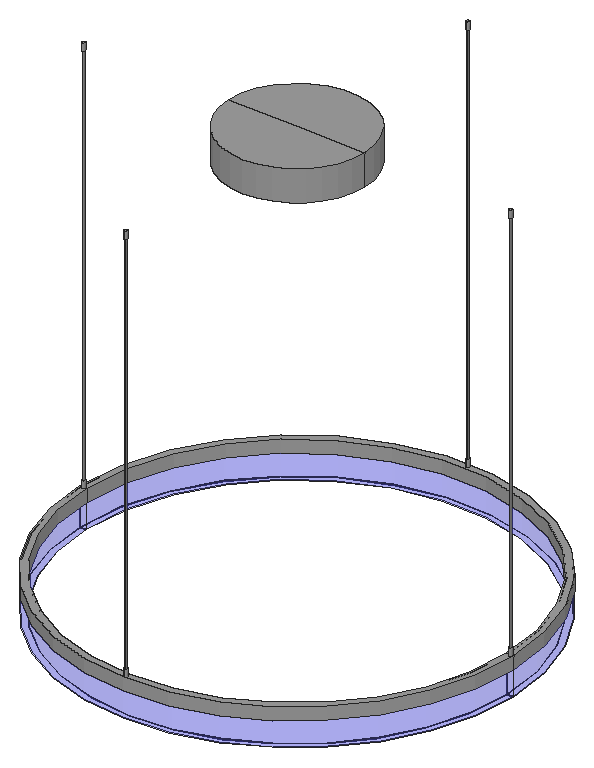
Revit family "Alcon-12272-1-32-Revit-Family", category Generic Models, host Ceiling, Revit 2025
Family settings
  Host = Ceiling
  Can host rebar = No
  Round Connector Dimension = Use Diameter
  Part Type = Normal
  Always vertical = Yes
  Cut with Voids When Loaded = No
  Maintain Annotation Orientation = No
  Shared = No
  Room Calculation Point = No
Parameters
  URL = "https://www.alconlighting.com/?srsltid=AfmBOooDPhGQ0dEP-X2PMtxFfvvWpIAEL4jCll_O2F4_to5onvhnBomy"
  Product Page = "https://www.alconlighting.com/redondo-12272-1.html"
  Model = "12272-1-32"
  Manufacturer = "Alcon Lighting"
  Lens = Glass
  Housing = Default
  Default Elevation = 0' - 0"
Reference planes (in)
  plane 1 "Center (Front/Back)": y = 0
  plane 2 "Ceiling": z = 96
  plane 3 "Center (Left/Right)": x = 0
Forms (in)
  Revolve 1, solid, material "Default" <- "Housing"
    sketch origin (0, 0, 0) x (1, 0, 0) y (0, 0, 1)
      loop
        line (0, 96) -> (0, 93.75) -> (5, 93.75) -> (5, 96) -> (0, 96)
      axis (0, 96) -> (0, 93.75)
    angle from 0 to 360
  Revolve 2, solid, material "Default" <- "Housing"
    sketch origin (0, 0, 0) x (1, 0, 0) y (0, 0, 1)
      loop
        line (15.47845, 66.65) -> (15.47845, 65.72813) -> (15.54095, 65.72813) -> (15.54095, 66.5875) -> (15.91595, 66.5875) -> (15.91595, 65.72813) -> (15.97845, 65.72813) -> (15.97845, 66.65) -> (15.47845, 66.65)
      axis (0, 65.72813) -> (0, 66.65)
    angle from 0 to 360
  Revolve 3, solid, material "Glass" <- "Lens"
    sketch origin (0, 0, 0) x (1, 0, 0) y (0, 0, 1)
      loop
        line (15.47845, 63.89) -> (15.97845, 63.89) -> (15.97845, 65.72813) -> (15.9472, 65.72813) -> (15.9472, 63.92125) -> (15.5097, 63.92125) -> (15.5097, 65.72813) -> (15.47845, 65.72813) -> (15.47845, 63.89)
      axis (0, 63.89) -> (0, 65.72813)
    angle from 0 to 360
  Revolve 4, solid, material "Default" <- "Housing"
    sketch origin (0, -28.29728, 0) x (0, 1, 0) y (0, 0, 1)
      loop
        line (12.55011, 66.65) -> (12.67511, 66.65) -> (12.67511, 67.1208) -> (12.55011, 67.1208) -> (12.55011, 66.65)
      axis (12.55011, 67.1208) -> (12.55011, 66.65)
    angle from 0 to 360
  Extrusion 5, solid, material "Default" <- "Housing"
    sketch origin (0, -15.74728, 92.90344) x (0, 1, 0) y (1, 0, 0)
      loop
        circle (0, 0) r 0.04922
    from -2.62576 to 25.78265
  Revolve 6, solid, material "Default" <- "Housing"
    sketch origin (0, -28.29728, 28.8792) x (0, 1, 0) y (0, 0, 1)
      loop
        line (12.55011, 66.65) -> (12.67511, 66.65) -> (12.67511, 67.1208) -> (12.55011, 67.1208) -> (12.55011, 66.65)
      axis (12.55011, 67.1208) -> (12.55011, 66.65)
    angle from 0 to 360
  Revolve 7, solid, material "Default" <- "Housing"
    sketch origin (0, 3.19587, 0) x (0, 1, 0) y (0, 0, 1)
      loop
        line (12.55011, 66.65) -> (12.67511, 66.65) -> (12.67511, 67.1208) -> (12.55011, 67.1208) -> (12.55011, 66.65)
      axis (12.55011, 67.1208) -> (12.55011, 66.65)
    angle from 0 to 360
  Extrusion 8, solid, material "Default" <- "Housing"
    sketch origin (0, 15.74587, 92.90344) x (0, 1, 0) y (1, 0, 0)
      loop
        circle (0, 0) r 0.04922
    from -2.62576 to 25.78265
  Revolve 9, solid, material "Default" <- "Housing"
    sketch origin (0, 3.19587, 28.8792) x (0, 1, 0) y (0, 0, 1)
      loop
        line (12.55011, 66.65) -> (12.67511, 66.65) -> (12.67511, 67.1208) -> (12.55011, 67.1208) -> (12.55011, 66.65)
      axis (12.55011, 67.1208) -> (12.55011, 66.65)
    angle from 0 to 360
  Revolve 10, solid, material "Default" <- "Housing"
    sketch origin (15.73156, -12.55011, 0) x (0, 1, 0) y (0, 0, 1)
      loop
        line (12.55011, 66.65) -> (12.67511, 66.65) -> (12.67511, 67.1208) -> (12.55011, 67.1208) -> (12.55011, 66.65)
      axis (12.55011, 67.1208) -> (12.55011, 66.65)
    angle from 0 to 360
  Extrusion 11, solid, material "Default" <- "Housing"
    sketch origin (15.73156, -0.00011, 92.90344) x (0, 1, 0) y (1, 0, 0)
      loop
        circle (0, 0) r 0.04922
    from -2.62576 to 25.78265
  Revolve 12, solid, material "Default" <- "Housing"
    sketch origin (15.73156, -12.55011, 28.8792) x (0, 1, 0) y (0, 0, 1)
      loop
        line (12.55011, 66.65) -> (12.67511, 66.65) -> (12.67511, 67.1208) -> (12.55011, 67.1208) -> (12.55011, 66.65)
      axis (12.55011, 67.1208) -> (12.55011, 66.65)
    angle from 0 to 360
  Revolve 13, solid, material "Default" <- "Housing"
    sketch origin (-15.71542, -12.55011, 0) x (0, 1, 0) y (0, 0, 1)
      loop
        line (12.55011, 66.65) -> (12.67511, 66.65) -> (12.67511, 67.1208) -> (12.55011, 67.1208) -> (12.55011, 66.65)
      axis (12.55011, 67.1208) -> (12.55011, 66.65)
    angle from 0 to 360
  Extrusion 14, solid, material "Default" <- "Housing"
    sketch origin (-15.71542, -0.00011, 92.90344) x (0, 1, 0) y (1, 0, 0)
      loop
        circle (0, 0) r 0.04922
    from -2.62576 to 25.78265
  Revolve 15, solid, material "Default" <- "Housing"
    sketch origin (-15.71542, -12.55011, 28.8792) x (0, 1, 0) y (0, 0, 1)
      loop
        line (12.55011, 66.65) -> (12.67511, 66.65) -> (12.67511, 67.1208) -> (12.55011, 67.1208) -> (12.55011, 66.65)
      axis (12.55011, 67.1208) -> (12.55011, 66.65)
    angle from 0 to 360
  Revolve 16, solid, material "Default" <- "Housing"
    sketch origin (-15.71542, -12.55011, 0) x (0, 1, 0) y (0, 0, 1)
      loop
        line (12.55011, 66.65) -> (12.67511, 66.65) -> (12.67511, 67.1208) -> (12.55011, 67.1208) -> (12.55011, 66.65)
      axis (12.55011, 67.1208) -> (12.55011, 66.65)
    angle from 0 to 360
  Extrusion 17, solid, material "Default" <- "Housing"
    sketch origin (-15.71542, -0.00011, 92.90344) x (0, 1, 0) y (1, 0, 0)
      loop
        circle (0, 0) r 0.04922
    from -2.62576 to 25.78265
  Revolve 18, solid, material "Default" <- "Housing"
    sketch origin (-15.71542, -12.55011, 28.8792) x (0, 1, 0) y (0, 0, 1)
      loop
        line (12.55011, 66.65) -> (12.67511, 66.65) -> (12.67511, 67.1208) -> (12.55011, 67.1208) -> (12.55011, 66.65)
      axis (12.55011, 67.1208) -> (12.55011, 66.65)
    angle from 0 to 360
Dimensions and locks (in)
  equal spacing: host sketch curve, plane 3 "Center (Left/Right)", host sketch curve
  equal spacing: host sketch curve, plane 1 "Center (Front/Back)", host sketch curve
  host sketch curve to host sketch curve = 10' - 0"  (x2)
  aligned and locked: Extrusion 5 to Revolve 4
  aligned and locked: Revolve 6 to Extrusion 5
  aligned and locked: Extrusion 8 to Revolve 7
  aligned and locked: Revolve 9 to Extrusion 8
  aligned and locked: Extrusion 11 to Revolve 10
  aligned and locked: Revolve 12 to Extrusion 11
  aligned and locked: Extrusion 14 to Revolve 13
  aligned and locked: Extrusion 17 to Revolve 16
